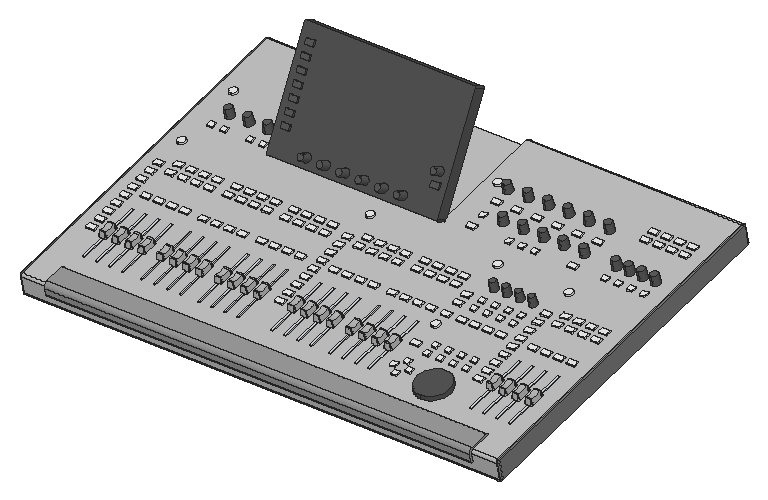
Revit family "Wing", category Communication Devices, Revit 2020 (continued)
Lines and regions (mm)
  model lines
    curve 284: line (-318.441, -67.028, 115.239) -> (-318.441, -74.869, 113.284)
    curve 285: arc (-335.705, -67.002, 115.245) -> (-335.068, -65.511, 115.617) -> (-333.53, -64.893, 115.771) r 2.174
    curve 286: arc (-320.641, -64.893, 115.771) -> (-319.086, -65.518, 115.615) -> (-318.441, -67.028, 115.239) r 2.2
    curve 287: arc (-318.441, -74.869, 113.284) -> (-319.086, -76.378, 112.908) -> (-320.641, -77.003, 112.752) r 2.2
    curve 288: arc (-333.505, -77.003, 112.752) -> (-335.06, -76.378, 112.908) -> (-335.705, -74.869, 113.284) r 2.2
    curve 289: line (-310.012, -9.591, 129.559) -> (-297.123, -9.591, 129.559)
    curve 290: line (-312.186, -19.567, 127.072) -> (-312.186, -11.7, 129.033)
    curve 291: line (-297.123, -21.701, 126.539) -> (-309.986, -21.701, 126.539)
    curve 292: line (-294.923, -11.726, 129.027) -> (-294.923, -19.567, 127.072)
    curve 293: arc (-312.186, -11.7, 129.033) -> (-311.549, -10.209, 129.405) -> (-310.012, -9.591, 129.559) r 2.174
    curve 294: arc (-297.123, -9.591, 129.559) -> (-295.567, -10.216, 129.403) -> (-294.923, -11.726, 129.027) r 2.2
    curve 295: arc (-294.923, -19.567, 127.072) -> (-295.567, -21.076, 126.695) -> (-297.123, -21.701, 126.539) r 2.2
    curve 296: arc (-309.986, -21.701, 126.539) -> (-311.541, -21.076, 126.695) -> (-312.186, -19.567, 127.072) r 2.2
    curve 297: line (-310.012, 9.399, 134.293) -> (-297.123, 9.399, 134.293)
    curve 298: line (-312.186, -0.577, 131.806) -> (-312.186, 7.289, 133.767)
    curve 299: line (-297.123, -2.712, 131.274) -> (-309.986, -2.712, 131.274)
    curve 300: line (-294.923, 7.264, 133.761) -> (-294.923, -0.577, 131.806)
    curve 301: arc (-312.186, 7.289, 133.767) -> (-311.549, 8.781, 134.139) -> (-310.012, 9.399, 134.293) r 2.174
    curve 302: arc (-297.123, 9.399, 134.293) -> (-295.567, 8.773, 134.137) -> (-294.923, 7.264, 133.761) r 2.2
    curve 303: arc (-294.923, -0.577, 131.806) -> (-295.567, -2.087, 131.43) -> (-297.123, -2.712, 131.274) r 2.2
    curve 304: arc (-309.986, -2.712, 131.274) -> (-311.541, -2.087, 131.43) -> (-312.186, -0.577, 131.806) r 2.2
    curve 305: line (-310.012, -64.893, 115.771) -> (-297.123, -64.893, 115.771)
    curve 306: line (-312.186, -74.869, 113.284) -> (-312.186, -67.002, 115.245)
    curve 307: line (-297.123, -77.003, 112.752) -> (-309.986, -77.003, 112.752)
    curve 308: line (-294.923, -67.028, 115.239) -> (-294.923, -74.869, 113.284)
    curve 309: arc (-312.186, -67.002, 115.245) -> (-311.549, -65.511, 115.617) -> (-310.012, -64.893, 115.771) r 2.174
    curve 310: arc (-297.123, -64.893, 115.771) -> (-295.567, -65.518, 115.615) -> (-294.923, -67.028, 115.239) r 2.2
    curve 311: arc (-294.923, -74.869, 113.284) -> (-295.567, -76.378, 112.908) -> (-297.123, -77.003, 112.752) r 2.2
    curve 312: arc (-309.986, -77.003, 112.752) -> (-311.541, -76.378, 112.908) -> (-312.186, -74.869, 113.284) r 2.2
    curve 313: line (-275.794, -9.591, 129.559) -> (-262.904, -9.591, 129.559)
    curve 314: line (-277.968, -19.567, 127.072) -> (-277.968, -11.7, 129.033)
    curve 315: line (-262.904, -21.701, 126.539) -> (-275.768, -21.701, 126.539)
    curve 316: line (-260.704, -11.726, 129.027) -> (-260.704, -19.567, 127.072)
    curve 317: arc (-277.968, -11.7, 129.033) -> (-277.331, -10.209, 129.405) -> (-275.794, -9.591, 129.559) r 2.174
    curve 318: arc (-262.904, -9.591, 129.559) -> (-261.349, -10.216, 129.403) -> (-260.704, -11.726, 129.027) r 2.2
    curve 319: arc (-260.704, -19.567, 127.072) -> (-261.349, -21.076, 126.695) -> (-262.904, -21.701, 126.539) r 2.2
    curve 320: arc (-275.768, -21.701, 126.539) -> (-277.323, -21.076, 126.695) -> (-277.968, -19.567, 127.072) r 2.2
    curve 321: line (-275.794, 9.399, 134.293) -> (-262.904, 9.399, 134.293)
    curve 322: line (-277.968, -0.577, 131.806) -> (-277.968, 7.289, 133.767)
    curve 323: line (-262.904, -2.712, 131.274) -> (-275.768, -2.712, 131.274)
    curve 324: line (-260.704, 7.264, 133.761) -> (-260.704, -0.577, 131.806)
    curve 325: arc (-277.968, 7.289, 133.767) -> (-277.331, 8.781, 134.139) -> (-275.794, 9.399, 134.293) r 2.174
    curve 326: arc (-262.904, 9.399, 134.293) -> (-261.349, 8.773, 134.137) -> (-260.704, 7.264, 133.761) r 2.2
    curve 327: arc (-260.704, -0.577, 131.806) -> (-261.349, -2.087, 131.43) -> (-262.904, -2.712, 131.274) r 2.2
    curve 328: arc (-275.768, -2.712, 131.274) -> (-277.323, -2.087, 131.43) -> (-277.968, -0.577, 131.806) r 2.2
    curve 329: line (-275.794, -64.893, 115.771) -> (-262.904, -64.893, 115.771)
    curve 330: line (-277.968, -74.869, 113.284) -> (-277.968, -67.002, 115.245)
    curve 331: line (-262.904, -77.003, 112.752) -> (-275.768, -77.003, 112.752)
    curve 332: line (-260.704, -67.028, 115.239) -> (-260.704, -74.869, 113.284)
    curve 333: arc (-277.968, -67.002, 115.245) -> (-277.331, -65.511, 115.617) -> (-275.794, -64.893, 115.771) r 2.174
    curve 334: arc (-262.904, -64.893, 115.771) -> (-261.349, -65.518, 115.615) -> (-260.704, -67.028, 115.239) r 2.2
    curve 335: arc (-260.704, -74.869, 113.284) -> (-261.349, -76.378, 112.908) -> (-262.904, -77.003, 112.752) r 2.2
    curve 336: arc (-275.768, -77.003, 112.752) -> (-277.323, -76.378, 112.908) -> (-277.968, -74.869, 113.284) r 2.2
    curve 337: line (-252.275, -9.591, 129.559) -> (-239.386, -9.591, 129.559)
    curve 338: line (-254.449, -19.567, 127.072) -> (-254.449, -11.7, 129.033)
    curve 339: line (-239.386, -21.701, 126.539) -> (-252.249, -21.701, 126.539)
    curve 340: line (-237.186, -11.726, 129.027) -> (-237.186, -19.567, 127.072)
    curve 341: arc (-254.449, -11.7, 129.033) -> (-253.812, -10.209, 129.405) -> (-252.275, -9.591, 129.559) r 2.174
    curve 342: arc (-239.386, -9.591, 129.559) -> (-237.83, -10.216, 129.403) -> (-237.186, -11.726, 129.027) r 2.2
    curve 343: arc (-237.186, -19.567, 127.072) -> (-237.83, -21.076, 126.695) -> (-239.386, -21.701, 126.539) r 2.2
    curve 344: arc (-252.249, -21.701, 126.539) -> (-253.805, -21.076, 126.695) -> (-254.449, -19.567, 127.072) r 2.2
    curve 345: line (-252.275, 9.399, 134.293) -> (-239.386, 9.399, 134.293)
    curve 346: line (-254.449, -0.577, 131.806) -> (-254.449, 7.289, 133.767)
    curve 347: line (-239.386, -2.712, 131.274) -> (-252.249, -2.712, 131.274)
    curve 348: line (-237.186, 7.264, 133.761) -> (-237.186, -0.577, 131.806)
    curve 349: arc (-254.449, 7.289, 133.767) -> (-253.812, 8.781, 134.139) -> (-252.275, 9.399, 134.293) r 2.174
    curve 350: arc (-239.386, 9.399, 134.293) -> (-237.83, 8.773, 134.137) -> (-237.186, 7.264, 133.761) r 2.2
    curve 351: arc (-237.186, -0.577, 131.806) -> (-237.83, -2.087, 131.43) -> (-239.386, -2.712, 131.274) r 2.2
    curve 352: arc (-252.249, -2.712, 131.274) -> (-253.805, -2.087, 131.43) -> (-254.449, -0.577, 131.806) r 2.2
    curve 353: line (-252.275, -64.893, 115.771) -> (-239.386, -64.893, 115.771)
    curve 354: line (-254.449, -74.869, 113.284) -> (-254.449, -67.002, 115.245)
    curve 355: line (-239.386, -77.003, 112.752) -> (-252.249, -77.003, 112.752)
    curve 356: line (-237.186, -67.028, 115.239) -> (-237.186, -74.869, 113.284)
    curve 357: arc (-254.449, -67.002, 115.245) -> (-253.812, -65.511, 115.617) -> (-252.275, -64.893, 115.771) r 2.174
    curve 358: arc (-239.386, -64.893, 115.771) -> (-237.83, -65.518, 115.615) -> (-237.186, -67.028, 115.239) r 2.2
    curve 359: arc (-237.186, -74.869, 113.284) -> (-237.83, -76.378, 112.908) -> (-239.386, -77.003, 112.752) r 2.2
    curve 360: arc (-252.249, -77.003, 112.752) -> (-253.805, -76.378, 112.908) -> (-254.449, -74.869, 113.284) r 2.2
    curve 361: line (-228.756, -9.591, 129.559) -> (-215.867, -9.591, 129.559)
    curve 362: line (-230.93, -19.567, 127.072) -> (-230.93, -11.7, 129.033)
    curve 363: line (-215.867, -21.701, 126.539) -> (-228.73, -21.701, 126.539)
    curve 364: line (-213.667, -11.726, 129.027) -> (-213.667, -19.567, 127.072)
    curve 365: arc (-230.93, -11.7, 129.033) -> (-230.293, -10.209, 129.405) -> (-228.756, -9.591, 129.559) r 2.174
    curve 366: arc (-215.867, -9.591, 129.559) -> (-214.311, -10.216, 129.403) -> (-213.667, -11.726, 129.027) r 2.2
    curve 367: arc (-213.667, -19.567, 127.072) -> (-214.311, -21.076, 126.695) -> (-215.867, -21.701, 126.539) r 2.2
    curve 368: arc (-228.73, -21.701, 126.539) -> (-230.286, -21.076, 126.695) -> (-230.93, -19.567, 127.072) r 2.2
    curve 369: line (-228.756, 9.399, 134.293) -> (-215.867, 9.399, 134.293)
    curve 370: line (-230.93, -0.577, 131.806) -> (-230.93, 7.289, 133.767)
    curve 371: line (-215.867, -2.712, 131.274) -> (-228.73, -2.712, 131.274)
    curve 372: line (-213.667, 7.264, 133.761) -> (-213.667, -0.577, 131.806)
    curve 373: arc (-230.93, 7.289, 133.767) -> (-230.293, 8.781, 134.139) -> (-228.756, 9.399, 134.293) r 2.174
    curve 374: arc (-215.867, 9.399, 134.293) -> (-214.311, 8.773, 134.137) -> (-213.667, 7.264, 133.761) r 2.2
    curve 375: arc (-213.667, -0.577, 131.806) -> (-214.311, -2.087, 131.43) -> (-215.867, -2.712, 131.274) r 2.2
    curve 376: arc (-228.73, -2.712, 131.274) -> (-230.286, -2.087, 131.43) -> (-230.93, -0.577, 131.806) r 2.2
    curve 377: line (-228.756, -64.893, 115.771) -> (-215.867, -64.893, 115.771)
    curve 378: line (-230.93, -74.869, 113.284) -> (-230.93, -67.002, 115.245)
    curve 379: line (-215.867, -77.003, 112.752) -> (-228.73, -77.003, 112.752)
    curve 380: line (-213.667, -67.028, 115.239) -> (-213.667, -74.869, 113.284)
    curve 381: arc (-230.93, -67.002, 115.245) -> (-230.293, -65.511, 115.617) -> (-228.756, -64.893, 115.771) r 2.174
    curve 382: arc (-215.867, -64.893, 115.771) -> (-214.311, -65.518, 115.615) -> (-213.667, -67.028, 115.239) r 2.2
    curve 383: arc (-213.667, -74.869, 113.284) -> (-214.311, -76.378, 112.908) -> (-215.867, -77.003, 112.752) r 2.2
    curve 384: arc (-228.73, -77.003, 112.752) -> (-230.286, -76.378, 112.908) -> (-230.93, -74.869, 113.284) r 2.2
    curve 385: line (-205.237, -9.591, 129.559) -> (-192.348, -9.591, 129.559)
    curve 386: line (-207.411, -19.567, 127.072) -> (-207.411, -11.7, 129.033)
    curve 387: line (-192.348, -21.701, 126.539) -> (-205.211, -21.701, 126.539)
    curve 388: line (-190.148, -11.726, 129.027) -> (-190.148, -19.567, 127.072)
    curve 389: arc (-207.411, -11.7, 129.033) -> (-206.775, -10.209, 129.405) -> (-205.237, -9.591, 129.559) r 2.174
    curve 390: arc (-192.348, -9.591, 129.559) -> (-190.793, -10.216, 129.403) -> (-190.148, -11.726, 129.027) r 2.2
    curve 391: arc (-190.148, -19.567, 127.072) -> (-190.793, -21.076, 126.695) -> (-192.348, -21.701, 126.539) r 2.2
    curve 392: arc (-205.211, -21.701, 126.539) -> (-206.767, -21.076, 126.695) -> (-207.411, -19.567, 127.072) r 2.2
    curve 393: line (-205.237, 9.399, 134.293) -> (-192.348, 9.399, 134.293)
    curve 394: line (-207.411, -0.577, 131.806) -> (-207.411, 7.289, 133.767)
    curve 395: line (-192.348, -2.712, 131.274) -> (-205.211, -2.712, 131.274)
    curve 396: line (-190.148, 7.264, 133.761) -> (-190.148, -0.577, 131.806)
    curve 397: arc (-207.411, 7.289, 133.767) -> (-206.775, 8.781, 134.139) -> (-205.237, 9.399, 134.293) r 2.174
    curve 398: arc (-192.348, 9.399, 134.293) -> (-190.793, 8.773, 134.137) -> (-190.148, 7.264, 133.761) r 2.2
    curve 399: arc (-190.148, -0.577, 131.806) -> (-190.793, -2.087, 131.43) -> (-192.348, -2.712, 131.274) r 2.2
    curve 400: arc (-205.211, -2.712, 131.274) -> (-206.767, -2.087, 131.43) -> (-207.411, -0.577, 131.806) r 2.2
    curve 401: line (-205.237, -64.893, 115.771) -> (-192.348, -64.893, 115.771)
    curve 402: line (-207.411, -74.869, 113.284) -> (-207.411, -67.002, 115.245)
    curve 403: line (-192.348, -77.003, 112.752) -> (-205.211, -77.003, 112.752)
    curve 404: line (-190.148, -67.028, 115.239) -> (-190.148, -74.869, 113.284)
    curve 405: arc (-207.411, -67.002, 115.245) -> (-206.775, -65.511, 115.617) -> (-205.237, -64.893, 115.771) r 2.174
    curve 406: arc (-192.348, -64.893, 115.771) -> (-190.793, -65.518, 115.615) -> (-190.148, -67.028, 115.239) r 2.2
    curve 407: arc (-190.148, -74.869, 113.284) -> (-190.793, -76.378, 112.908) -> (-192.348, -77.003, 112.752) r 2.2
    curve 408: arc (-205.211, -77.003, 112.752) -> (-206.767, -76.378, 112.908) -> (-207.411, -74.869, 113.284) r 2.2
    curve 409: line (-171.018, -9.591, 129.559) -> (-158.129, -9.591, 129.559)
    curve 410: line (-173.192, -19.567, 127.072) -> (-173.192, -11.7, 129.033)
    curve 411: line (-158.129, -21.701, 126.539) -> (-170.992, -21.701, 126.539)
    curve 412: line (-155.929, -11.726, 129.027) -> (-155.929, -19.567, 127.072)
    curve 413: arc (-173.192, -11.7, 129.033) -> (-172.555, -10.209, 129.405) -> (-171.018, -9.591, 129.559) r 2.174
    curve 414: arc (-158.129, -9.591, 129.559) -> (-156.573, -10.216, 129.403) -> (-155.929, -11.726, 129.027) r 2.2
    curve 415: arc (-155.929, -19.567, 127.072) -> (-156.573, -21.076, 126.695) -> (-158.129, -21.701, 126.539) r 2.2
    curve 416: arc (-170.992, -21.701, 126.539) -> (-172.548, -21.076, 126.695) -> (-173.192, -19.567, 127.072) r 2.2
    curve 417: line (-171.018, 9.399, 134.293) -> (-158.129, 9.399, 134.293)
    curve 418: line (-173.192, -0.577, 131.806) -> (-173.192, 7.289, 133.767)
    curve 419: line (-158.129, -2.712, 131.274) -> (-170.992, -2.712, 131.274)
    curve 420: line (-155.929, 7.264, 133.761) -> (-155.929, -0.577, 131.806)
    curve 421: arc (-173.192, 7.289, 133.767) -> (-172.555, 8.781, 134.139) -> (-171.018, 9.399, 134.293) r 2.174
    curve 422: arc (-158.129, 9.399, 134.293) -> (-156.573, 8.773, 134.137) -> (-155.929, 7.264, 133.761) r 2.2
    curve 423: arc (-155.929, -0.577, 131.806) -> (-156.573, -2.087, 131.43) -> (-158.129, -2.712, 131.274) r 2.2
    curve 424: arc (-170.992, -2.712, 131.274) -> (-172.548, -2.087, 131.43) -> (-173.192, -0.577, 131.806) r 2.2
    curve 425: line (-171.018, -64.893, 115.771) -> (-158.129, -64.893, 115.771)
    curve 426: line (-173.192, -74.869, 113.284) -> (-173.192, -67.002, 115.245)
    curve 427: line (-158.129, -77.003, 112.752) -> (-170.992, -77.003, 112.752)
    curve 428: line (-155.929, -67.028, 115.239) -> (-155.929, -74.869, 113.284)
    curve 429: arc (-173.192, -67.002, 115.245) -> (-172.555, -65.511, 115.617) -> (-171.018, -64.893, 115.771) r 2.174
    curve 430: arc (-158.129, -64.893, 115.771) -> (-156.573, -65.518, 115.615) -> (-155.929, -67.028, 115.239) r 2.2
    curve 431: arc (-155.929, -74.869, 113.284) -> (-156.573, -76.378, 112.908) -> (-158.129, -77.003, 112.752) r 2.2
    curve 432: arc (-170.992, -77.003, 112.752) -> (-172.548, -76.378, 112.908) -> (-173.192, -74.869, 113.284) r 2.2
    curve 433: line (-147.499, -9.591, 129.559) -> (-134.61, -9.591, 129.559)
    curve 434: line (-149.673, -19.567, 127.072) -> (-149.673, -11.7, 129.033)
    curve 435: line (-134.61, -21.701, 126.539) -> (-147.473, -21.701, 126.539)
    curve 436: line (-132.41, -11.726, 129.027) -> (-132.41, -19.567, 127.072)
    curve 437: arc (-149.673, -11.7, 129.033) -> (-149.037, -10.209, 129.405) -> (-147.499, -9.591, 129.559) r 2.174
    curve 438: arc (-134.61, -9.591, 129.559) -> (-133.055, -10.216, 129.403) -> (-132.41, -11.726, 129.027) r 2.2
    curve 439: arc (-132.41, -19.567, 127.072) -> (-133.055, -21.076, 126.695) -> (-134.61, -21.701, 126.539) r 2.2
    curve 440: arc (-147.473, -21.701, 126.539) -> (-149.029, -21.076, 126.695) -> (-149.673, -19.567, 127.072) r 2.2
    curve 441: line (-147.499, 9.399, 134.293) -> (-134.61, 9.399, 134.293)
    curve 442: line (-149.673, -0.577, 131.806) -> (-149.673, 7.289, 133.767)
    curve 443: line (-134.61, -2.712, 131.274) -> (-147.473, -2.712, 131.274)
    curve 444: line (-132.41, 7.264, 133.761) -> (-132.41, -0.577, 131.806)
    curve 445: arc (-149.673, 7.289, 133.767) -> (-149.037, 8.781, 134.139) -> (-147.499, 9.399, 134.293) r 2.174
    curve 446: arc (-134.61, 9.399, 134.293) -> (-133.055, 8.773, 134.137) -> (-132.41, 7.264, 133.761) r 2.2
    curve 447: arc (-132.41, -0.577, 131.806) -> (-133.055, -2.087, 131.43) -> (-134.61, -2.712, 131.274) r 2.2
    curve 448: arc (-147.473, -2.712, 131.274) -> (-149.029, -2.087, 131.43) -> (-149.673, -0.577, 131.806) r 2.2
    curve 449: line (-147.499, -64.893, 115.771) -> (-134.61, -64.893, 115.771)
    curve 450: line (-149.673, -74.869, 113.284) -> (-149.673, -67.002, 115.245)
    curve 451: line (-134.61, -77.003, 112.752) -> (-147.473, -77.003, 112.752)
    curve 452: line (-132.41, -67.028, 115.239) -> (-132.41, -74.869, 113.284)
    curve 453: arc (-149.673, -67.002, 115.245) -> (-149.037, -65.511, 115.617) -> (-147.499, -64.893, 115.771) r 2.174
    curve 454: arc (-134.61, -64.893, 115.771) -> (-133.055, -65.518, 115.615) -> (-132.41, -67.028, 115.239) r 2.2
    curve 455: arc (-132.41, -74.869, 113.284) -> (-133.055, -76.378, 112.908) -> (-134.61, -77.003, 112.752) r 2.2
    curve 456: arc (-147.473, -77.003, 112.752) -> (-149.029, -76.378, 112.908) -> (-149.673, -74.869, 113.284) r 2.2
    curve 457: line (-123.981, -9.591, 129.559) -> (-111.091, -9.591, 129.559)
    curve 458: line (-126.155, -19.567, 127.072) -> (-126.155, -11.7, 129.033)
    curve 459: line (-111.091, -21.701, 126.539) -> (-123.955, -21.701, 126.539)
    curve 460: line (-108.891, -11.726, 129.027) -> (-108.891, -19.567, 127.072)
    curve 461: arc (-126.155, -11.7, 129.033) -> (-125.518, -10.209, 129.405) -> (-123.981, -9.591, 129.559) r 2.174
    curve 462: arc (-111.091, -9.591, 129.559) -> (-109.536, -10.216, 129.403) -> (-108.891, -11.726, 129.027) r 2.2
    curve 463: arc (-108.891, -19.567, 127.072) -> (-109.536, -21.076, 126.695) -> (-111.091, -21.701, 126.539) r 2.2
    curve 464: arc (-123.955, -21.701, 126.539) -> (-125.51, -21.076, 126.695) -> (-126.155, -19.567, 127.072) r 2.2
    curve 465: line (-123.981, 9.399, 134.293) -> (-111.091, 9.399, 134.293)
    curve 466: line (-126.155, -0.577, 131.806) -> (-126.155, 7.289, 133.767)
    curve 467: line (-111.091, -2.712, 131.274) -> (-123.955, -2.712, 131.274)
    curve 468: line (-108.891, 7.264, 133.761) -> (-108.891, -0.577, 131.806)
    curve 469: arc (-126.155, 7.289, 133.767) -> (-125.518, 8.781, 134.139) -> (-123.981, 9.399, 134.293) r 2.174
    curve 470: arc (-111.091, 9.399, 134.293) -> (-109.536, 8.773, 134.137) -> (-108.891, 7.264, 133.761) r 2.2
    curve 471: arc (-108.891, -0.577, 131.806) -> (-109.536, -2.087, 131.43) -> (-111.091, -2.712, 131.274) r 2.2
    curve 472: arc (-123.955, -2.712, 131.274) -> (-125.51, -2.087, 131.43) -> (-126.155, -0.577, 131.806) r 2.2
    curve 473: line (-123.981, -64.893, 115.771) -> (-111.091, -64.893, 115.771)
    curve 474: line (-126.155, -74.869, 113.284) -> (-126.155, -67.002, 115.245)
    curve 475: line (-111.091, -77.003, 112.752) -> (-123.955, -77.003, 112.752)
    curve 476: line (-108.891, -67.028, 115.239) -> (-108.891, -74.869, 113.284)
    curve 477: arc (-126.155, -67.002, 115.245) -> (-125.518, -65.511, 115.617) -> (-123.981, -64.893, 115.771) r 2.174
    curve 478: arc (-111.091, -64.893, 115.771) -> (-109.536, -65.518, 115.615) -> (-108.891, -67.028, 115.239) r 2.2
    curve 479: arc (-108.891, -74.869, 113.284) -> (-109.536, -76.378, 112.908) -> (-111.091, -77.003, 112.752) r 2.2
    curve 480: arc (-123.955, -77.003, 112.752) -> (-125.51, -76.378, 112.908) -> (-126.155, -74.869, 113.284) r 2.2
    curve 481: line (-100.462, -9.591, 129.559) -> (-87.573, -9.591, 129.559)
    curve 482: line (-102.636, -19.567, 127.072) -> (-102.636, -11.7, 129.033)
    curve 483: line (-87.573, -21.701, 126.539) -> (-100.436, -21.701, 126.539)
    curve 484: line (-85.373, -11.726, 129.027) -> (-85.373, -19.567, 127.072)
    curve 485: arc (-102.636, -11.7, 129.033) -> (-101.999, -10.209, 129.405) -> (-100.462, -9.591, 129.559) r 2.174
    curve 486: arc (-87.573, -9.591, 129.559) -> (-86.017, -10.216, 129.403) -> (-85.373, -11.726, 129.027) r 2.2
    curve 487: arc (-85.373, -19.567, 127.072) -> (-86.017, -21.076, 126.695) -> (-87.573, -21.701, 126.539) r 2.2
    curve 488: arc (-100.436, -21.701, 126.539) -> (-101.992, -21.076, 126.695) -> (-102.636, -19.567, 127.072) r 2.2
    curve 489: line (-100.462, 9.399, 134.293) -> (-87.573, 9.399, 134.293)
    curve 490: line (-102.636, -0.577, 131.806) -> (-102.636, 7.289, 133.767)
    curve 491: line (-87.573, -2.712, 131.274) -> (-100.436, -2.712, 131.274)
    curve 492: line (-85.373, 7.264, 133.761) -> (-85.373, -0.577, 131.806)
    curve 493: arc (-102.636, 7.289, 133.767) -> (-101.999, 8.781, 134.139) -> (-100.462, 9.399, 134.293) r 2.174
    curve 494: arc (-87.573, 9.399, 134.293) -> (-86.017, 8.773, 134.137) -> (-85.373, 7.264, 133.761) r 2.2
    curve 495: arc (-85.373, -0.577, 131.806) -> (-86.017, -2.087, 131.43) -> (-87.573, -2.712, 131.274) r 2.2
    curve 496: arc (-100.436, -2.712, 131.274) -> (-101.992, -2.087, 131.43) -> (-102.636, -0.577, 131.806) r 2.2
    curve 497: line (-100.462, -64.893, 115.771) -> (-87.573, -64.893, 115.771)
    curve 498: line (-102.636, -74.869, 113.284) -> (-102.636, -67.002, 115.245)
    curve 499: line (-87.573, -77.003, 112.752) -> (-100.436, -77.003, 112.752)
    curve 500: line (-85.373, -67.028, 115.239) -> (-85.373, -74.869, 113.284)
    curve 501: arc (-102.636, -67.002, 115.245) -> (-101.999, -65.511, 115.617) -> (-100.462, -64.893, 115.771) r 2.174
    curve 502: arc (-87.573, -64.893, 115.771) -> (-86.017, -65.518, 115.615) -> (-85.373, -67.028, 115.239) r 2.2
    curve 503: arc (-85.373, -74.869, 113.284) -> (-86.017, -76.378, 112.908) -> (-87.573, -77.003, 112.752) r 2.2
    curve 504: arc (-100.436, -77.003, 112.752) -> (-101.992, -76.378, 112.908) -> (-102.636, -74.869, 113.284) r 2.2
    curve 505: line (-38.384, -9.591, 129.559) -> (-25.495, -9.591, 129.559)
    curve 506: line (-40.558, -19.567, 127.072) -> (-40.558, -11.7, 129.033)
    curve 507: line (-25.495, -21.701, 126.539) -> (-38.358, -21.701, 126.539)
    curve 508: line (-23.295, -11.726, 129.027) -> (-23.295, -19.567, 127.072)
    curve 509: arc (-40.558, -11.7, 129.033) -> (-39.921, -10.209, 129.405) -> (-38.384, -9.591, 129.559) r 2.174
    curve 510: arc (-25.495, -9.591, 129.559) -> (-23.939, -10.216, 129.403) -> (-23.295, -11.726, 129.027) r 2.2
    curve 511: arc (-23.295, -19.567, 127.072) -> (-23.939, -21.076, 126.695) -> (-25.495, -21.701, 126.539) r 2.2
    curve 512: arc (-38.358, -21.701, 126.539) -> (-39.914, -21.076, 126.695) -> (-40.558, -19.567, 127.072) r 2.2
    curve 513: line (-38.384, 9.399, 134.293) -> (-25.495, 9.399, 134.293)
    curve 514: line (-40.558, -0.577, 131.806) -> (-40.558, 7.289, 133.767)
    curve 515: line (-25.495, -2.712, 131.274) -> (-38.358, -2.712, 131.274)
    curve 516: line (-23.295, 7.264, 133.761) -> (-23.295, -0.577, 131.806)
    curve 517: arc (-40.558, 7.289, 133.767) -> (-39.921, 8.781, 134.139) -> (-38.384, 9.399, 134.293) r 2.174
    curve 518: arc (-25.495, 9.399, 134.293) -> (-23.939, 8.773, 134.137) -> (-23.295, 7.264, 133.761) r 2.2
    curve 519: arc (-23.295, -0.577, 131.806) -> (-23.939, -2.087, 131.43) -> (-25.495, -2.712, 131.274) r 2.2
    curve 520: arc (-38.358, -2.712, 131.274) -> (-39.914, -2.087, 131.43) -> (-40.558, -0.577, 131.806) r 2.2
    curve 521: line (-38.384, -64.893, 115.771) -> (-25.495, -64.893, 115.771)
    curve 522: line (-40.558, -74.869, 113.284) -> (-40.558, -67.002, 115.245)
    curve 523: line (-25.495, -77.003, 112.752) -> (-38.358, -77.003, 112.752)
    curve 524: line (-23.295, -67.028, 115.239) -> (-23.295, -74.869, 113.284)
    curve 525: arc (-40.558, -67.002, 115.245) -> (-39.921, -65.511, 115.617) -> (-38.384, -64.893, 115.771) r 2.174
    curve 526: arc (-25.495, -64.893, 115.771) -> (-23.939, -65.518, 115.615) -> (-23.295, -67.028, 115.239) r 2.2
    curve 527: arc (-23.295, -74.869, 113.284) -> (-23.939, -76.378, 112.908) -> (-25.495, -77.003, 112.752) r 2.2
    curve 528: arc (-38.358, -77.003, 112.752) -> (-39.914, -76.378, 112.908) -> (-40.558, -74.869, 113.284) r 2.2
    curve 529: line (-14.865, -9.591, 129.559) -> (-1.976, -9.591, 129.559)
    curve 530: line (-17.039, -19.567, 127.072) -> (-17.039, -11.7, 129.033)
    curve 531: line (-1.976, -21.701, 126.539) -> (-14.839, -21.701, 126.539)
    curve 532: line (0.224, -11.726, 129.027) -> (0.224, -19.567, 127.072)
    curve 533: arc (-17.039, -11.7, 129.033) -> (-16.402, -10.209, 129.405) -> (-14.865, -9.591, 129.559) r 2.174
    curve 534: arc (-1.976, -9.591, 129.559) -> (-0.42, -10.216, 129.403) -> (0.224, -11.726, 129.027) r 2.2
    curve 535: arc (0.224, -19.567, 127.072) -> (-0.42, -21.076, 126.695) -> (-1.976, -21.701, 126.539) r 2.2
    curve 536: arc (-14.839, -21.701, 126.539) -> (-16.395, -21.076, 126.695) -> (-17.039, -19.567, 127.072) r 2.2
    curve 537: line (-14.865, 9.399, 134.293) -> (-1.976, 9.399, 134.293)
    curve 538: line (-17.039, -0.577, 131.806) -> (-17.039, 7.289, 133.767)
    curve 539: line (-1.976, -2.712, 131.274) -> (-14.839, -2.712, 131.274)
    curve 540: line (0.224, 7.264, 133.761) -> (0.224, -0.577, 131.806)
    curve 541: arc (-17.039, 7.289, 133.767) -> (-16.402, 8.781, 134.139) -> (-14.865, 9.399, 134.293) r 2.174
    curve 542: arc (-1.976, 9.399, 134.293) -> (-0.42, 8.773, 134.137) -> (0.224, 7.264, 133.761) r 2.2
    curve 543: arc (0.224, -0.577, 131.806) -> (-0.42, -2.087, 131.43) -> (-1.976, -2.712, 131.274) r 2.2
    curve 544: arc (-14.839, -2.712, 131.274) -> (-16.395, -2.087, 131.43) -> (-17.039, -0.577, 131.806) r 2.2
    curve 545: line (-14.865, -64.893, 115.771) -> (-1.976, -64.893, 115.771)
    curve 546: line (-17.039, -74.869, 113.284) -> (-17.039, -67.002, 115.245)
    curve 547: line (-1.976, -77.003, 112.752) -> (-14.839, -77.003, 112.752)
    curve 548: line (0.224, -67.028, 115.239) -> (0.224, -74.869, 113.284)
    curve 549: arc (-17.039, -67.002, 115.245) -> (-16.402, -65.511, 115.617) -> (-14.865, -64.893, 115.771) r 2.174
    curve 550: arc (-1.976, -64.893, 115.771) -> (-0.42, -65.518, 115.615) -> (0.224, -67.028, 115.239) r 2.2
    curve 551: arc (0.224, -74.869, 113.284) -> (-0.42, -76.378, 112.908) -> (-1.976, -77.003, 112.752) r 2.2
    curve 552: arc (-14.839, -77.003, 112.752) -> (-16.395, -76.378, 112.908) -> (-17.039, -74.869, 113.284) r 2.2
    curve 553: line (8.654, -9.591, 129.559) -> (21.543, -9.591, 129.559)
    curve 554: line (6.48, -19.567, 127.072) -> (6.48, -11.7, 129.033)
    curve 555: line (21.543, -21.701, 126.539) -> (8.68, -21.701, 126.539)
    curve 556: line (23.743, -11.726, 129.027) -> (23.743, -19.567, 127.072)
    curve 557: arc (6.48, -11.7, 129.033) -> (7.116, -10.209, 129.405) -> (8.654, -9.591, 129.559) r 2.174
    curve 558: arc (21.543, -9.591, 129.559) -> (23.098, -10.216, 129.403) -> (23.743, -11.726, 129.027) r 2.2
    curve 559: arc (23.743, -19.567, 127.072) -> (23.098, -21.076, 126.695) -> (21.543, -21.701, 126.539) r 2.2
    curve 560: arc (8.68, -21.701, 126.539) -> (7.124, -21.076, 126.695) -> (6.48, -19.567, 127.072) r 2.2
    curve 561: line (8.654, 9.399, 134.293) -> (21.543, 9.399, 134.293)
    curve 562: line (6.48, -0.577, 131.806) -> (6.48, 7.289, 133.767)
    curve 563: line (21.543, -2.712, 131.274) -> (8.68, -2.712, 131.274)
    curve 564: line (23.743, 7.264, 133.761) -> (23.743, -0.577, 131.806)
    curve 565: arc (6.48, 7.289, 133.767) -> (7.116, 8.781, 134.139) -> (8.654, 9.399, 134.293) r 2.174
    curve 566: arc (21.543, 9.399, 134.293) -> (23.098, 8.773, 134.137) -> (23.743, 7.264, 133.761) r 2.2
    curve 567: arc (23.743, -0.577, 131.806) -> (23.098, -2.087, 131.43) -> (21.543, -2.712, 131.274) r 2.2
    curve 568: arc (8.68, -2.712, 131.274) -> (7.124, -2.087, 131.43) -> (6.48, -0.577, 131.806) r 2.2
    curve 569: line (8.654, -64.893, 115.771) -> (21.543, -64.893, 115.771)
    curve 570: line (6.48, -74.869, 113.284) -> (6.48, -67.002, 115.245)
    curve 571: line (21.543, -77.003, 112.752) -> (8.68, -77.003, 112.752)
    curve 572: line (23.743, -67.028, 115.239) -> (23.743, -74.869, 113.284)
    curve 573: arc (6.48, -67.002, 115.245) -> (7.116, -65.511, 115.617) -> (8.654, -64.893, 115.771) r 2.174
    curve 574: arc (21.543, -64.893, 115.771) -> (23.098, -65.518, 115.615) -> (23.743, -67.028, 115.239) r 2.2
    curve 575: arc (23.743, -74.869, 113.284) -> (23.098, -76.378, 112.908) -> (21.543, -77.003, 112.752) r 2.2
    curve 576: arc (8.68, -77.003, 112.752) -> (7.124, -76.378, 112.908) -> (6.48, -74.869, 113.284) r 2.2
    curve 577: line (32.172, -9.591, 129.559) -> (45.061, -9.591, 129.559)
    curve 578: line (29.998, -19.567, 127.072) -> (29.998, -11.7, 129.033)
    curve 579: line (45.061, -21.701, 126.539) -> (32.198, -21.701, 126.539)
    curve 580: line (47.261, -11.726, 129.027) -> (47.261, -19.567, 127.072)
    curve 581: arc (29.998, -11.7, 129.033) -> (30.635, -10.209, 129.405) -> (32.172, -9.591, 129.559) r 2.174
    curve 582: arc (45.061, -9.591, 129.559) -> (46.617, -10.216, 129.403) -> (47.261, -11.726, 129.027) r 2.2
    curve 583: arc (47.261, -19.567, 127.072) -> (46.617, -21.076, 126.695) -> (45.061, -21.701, 126.539) r 2.2
    curve 584: arc (32.198, -21.701, 126.539) -> (30.643, -21.076, 126.695) -> (29.998, -19.567, 127.072) r 2.2
    curve 585: line (32.172, 9.399, 134.293) -> (45.061, 9.399, 134.293)
    curve 586: line (29.998, -0.577, 131.806) -> (29.998, 7.289, 133.767)
    curve 587: line (45.061, -2.712, 131.274) -> (32.198, -2.712, 131.274)
    curve 588: line (47.261, 7.264, 133.761) -> (47.261, -0.577, 131.806)
    curve 589: arc (29.998, 7.289, 133.767) -> (30.635, 8.781, 134.139) -> (32.172, 9.399, 134.293) r 2.174
    curve 590: arc (45.061, 9.399, 134.293) -> (46.617, 8.773, 134.137) -> (47.261, 7.264, 133.761) r 2.2
    curve 591: arc (47.261, -0.577, 131.806) -> (46.617, -2.087, 131.43) -> (45.061, -2.712, 131.274) r 2.2
    curve 592: arc (32.198, -2.712, 131.274) -> (30.643, -2.087, 131.43) -> (29.998, -0.577, 131.806) r 2.2
    curve 593: line (32.172, -64.893, 115.771) -> (45.061, -64.893, 115.771)
    curve 594: line (29.998, -74.869, 113.284) -> (29.998, -67.002, 115.245)
    curve 595: line (45.061, -77.003, 112.752) -> (32.198, -77.003, 112.752)
    curve 596: line (47.261, -67.028, 115.239) -> (47.261, -74.869, 113.284)
    curve 597: arc (29.998, -67.002, 115.245) -> (30.635, -65.511, 115.617) -> (32.172, -64.893, 115.771) r 2.174
    curve 598: arc (45.061, -64.893, 115.771) -> (46.617, -65.518, 115.615) -> (47.261, -67.028, 115.239) r 2.2
    curve 599: arc (47.261, -74.869, 113.284) -> (46.617, -76.378, 112.908) -> (45.061, -77.003, 112.752) r 2.2
    curve 600: arc (32.198, -77.003, 112.752) -> (30.643, -76.378, 112.908) -> (29.998, -74.869, 113.284) r 2.2
    curve 601: line (66.694, -9.591, 129.559) -> (79.584, -9.591, 129.559)
    curve 602: line (64.52, -19.567, 127.072) -> (64.52, -11.7, 129.033)
    curve 603: line (79.584, -21.701, 126.539) -> (66.72, -21.701, 126.539)
    curve 604: line (81.784, -11.726, 129.027) -> (81.784, -19.567, 127.072)
    curve 605: arc (64.52, -11.7, 129.033) -> (65.157, -10.209, 129.405) -> (66.694, -9.591, 129.559) r 2.174
    curve 606: arc (79.584, -9.591, 129.559) -> (81.139, -10.216, 129.403) -> (81.784, -11.726, 129.027) r 2.2
    curve 607: arc (81.784, -19.567, 127.072) -> (81.139, -21.076, 126.695) -> (79.584, -21.701, 126.539) r 2.2
    curve 608: arc (66.72, -21.701, 126.539) -> (65.165, -21.076, 126.695) -> (64.52, -19.567, 127.072) r 2.2
    curve 609: line (66.694, 9.399, 134.293) -> (79.584, 9.399, 134.293)
    curve 610: line (64.52, -0.577, 131.806) -> (64.52, 7.289, 133.767)
    curve 611: line (79.584, -2.712, 131.274) -> (66.72, -2.712, 131.274)
    curve 612: line (81.784, 7.264, 133.761) -> (81.784, -0.577, 131.806)
    curve 613: arc (64.52, 7.289, 133.767) -> (65.157, 8.781, 134.139) -> (66.694, 9.399, 134.293) r 2.174
    curve 614: arc (79.584, 9.399, 134.293) -> (81.139, 8.773, 134.137) -> (81.784, 7.264, 133.761) r 2.2
    curve 615: arc (81.784, -0.577, 131.806) -> (81.139, -2.087, 131.43) -> (79.584, -2.712, 131.274) r 2.2
    curve 616: arc (66.72, -2.712, 131.274) -> (65.165, -2.087, 131.43) -> (64.52, -0.577, 131.806) r 2.2
    curve 617: line (66.694, -64.893, 115.771) -> (79.584, -64.893, 115.771)
    curve 618: line (64.52, -74.869, 113.284) -> (64.52, -67.002, 115.245)
    curve 619: line (79.584, -77.003, 112.752) -> (66.72, -77.003, 112.752)
    curve 620: line (81.784, -67.028, 115.239) -> (81.784, -74.869, 113.284)
    curve 621: arc (64.52, -67.002, 115.245) -> (65.157, -65.511, 115.617) -> (66.694, -64.893, 115.771) r 2.174
    curve 622: arc (79.584, -64.893, 115.771) -> (81.139, -65.518, 115.615) -> (81.784, -67.028, 115.239) r 2.2
    curve 623: arc (81.784, -74.869, 113.284) -> (81.139, -76.378, 112.908) -> (79.584, -77.003, 112.752) r 2.2
    curve 624: arc (66.72, -77.003, 112.752) -> (65.165, -76.378, 112.908) -> (64.52, -74.869, 113.284) r 2.2
    curve 625: line (90.213, -9.591, 129.559) -> (103.102, -9.591, 129.559)
    curve 626: line (88.039, -19.567, 127.072) -> (88.039, -11.7, 129.033)
    curve 627: line (103.102, -21.701, 126.539) -> (90.239, -21.701, 126.539)
    curve 628: line (105.302, -11.726, 129.027) -> (105.302, -19.567, 127.072)
    curve 629: arc (88.039, -11.7, 129.033) -> (88.676, -10.209, 129.405) -> (90.213, -9.591, 129.559) r 2.174
    curve 630: arc (103.102, -9.591, 129.559) -> (104.658, -10.216, 129.403) -> (105.302, -11.726, 129.027) r 2.2
    curve 631: arc (105.302, -19.567, 127.072) -> (104.658, -21.076, 126.695) -> (103.102, -21.701, 126.539) r 2.2
    curve 632: arc (90.239, -21.701, 126.539) -> (88.683, -21.076, 126.695) -> (88.039, -19.567, 127.072) r 2.2
    curve 633: line (90.213, 9.399, 134.293) -> (103.102, 9.399, 134.293)
    curve 634: line (88.039, -0.577, 131.806) -> (88.039, 7.289, 133.767)
    curve 635: line (103.102, -2.712, 131.274) -> (90.239, -2.712, 131.274)
    curve 636: line (105.302, 7.264, 133.761) -> (105.302, -0.577, 131.806)
    curve 637: arc (88.039, 7.289, 133.767) -> (88.676, 8.781, 134.139) -> (90.213, 9.399, 134.293) r 2.174
    curve 638: arc (103.102, 9.399, 134.293) -> (104.658, 8.773, 134.137) -> (105.302, 7.264, 133.761) r 2.2
    curve 639: arc (105.302, -0.577, 131.806) -> (104.658, -2.087, 131.43) -> (103.102, -2.712, 131.274) r 2.2
    curve 640: arc (90.239, -2.712, 131.274) -> (88.683, -2.087, 131.43) -> (88.039, -0.577, 131.806) r 2.2
    curve 641: line (90.213, -64.893, 115.771) -> (103.102, -64.893, 115.771)
    curve 642: line (88.039, -74.869, 113.284) -> (88.039, -67.002, 115.245)
    curve 643: line (103.102, -77.003, 112.752) -> (90.239, -77.003, 112.752)
    curve 644: line (105.302, -67.028, 115.239) -> (105.302, -74.869, 113.284)
    curve 645: arc (88.039, -67.002, 115.245) -> (88.676, -65.511, 115.617) -> (90.213, -64.893, 115.771) r 2.174
    curve 646: arc (103.102, -64.893, 115.771) -> (104.658, -65.518, 115.615) -> (105.302, -67.028, 115.239) r 2.2
    curve 647: arc (105.302, -74.869, 113.284) -> (104.658, -76.378, 112.908) -> (103.102, -77.003, 112.752) r 2.2
    curve 648: arc (90.239, -77.003, 112.752) -> (88.683, -76.378, 112.908) -> (88.039, -74.869, 113.284) r 2.2
    curve 649: line (113.732, -9.591, 129.559) -> (126.621, -9.591, 129.559)
    curve 650: line (111.558, -19.567, 127.072) -> (111.558, -11.7, 129.033)
    curve 651: line (126.621, -21.701, 126.539) -> (113.758, -21.701, 126.539)
    curve 652: line (128.821, -11.726, 129.027) -> (128.821, -19.567, 127.072)
    curve 653: arc (111.558, -11.7, 129.033) -> (112.195, -10.209, 129.405) -> (113.732, -9.591, 129.559) r 2.174
    curve 654: arc (126.621, -9.591, 129.559) -> (128.177, -10.216, 129.403) -> (128.821, -11.726, 129.027) r 2.2
    curve 655: arc (128.821, -19.567, 127.072) -> (128.177, -21.076, 126.695) -> (126.621, -21.701, 126.539) r 2.2
    curve 656: arc (113.758, -21.701, 126.539) -> (112.202, -21.076, 126.695) -> (111.558, -19.567, 127.072) r 2.2
    curve 657: line (113.732, 9.399, 134.293) -> (126.621, 9.399, 134.293)
    curve 658: line (111.558, -0.577, 131.806) -> (111.558, 7.289, 133.767)
    curve 659: line (126.621, -2.712, 131.274) -> (113.758, -2.712, 131.274)
    curve 660: line (128.821, 7.264, 133.761) -> (128.821, -0.577, 131.806)
    curve 661: arc (111.558, 7.289, 133.767) -> (112.195, 8.781, 134.139) -> (113.732, 9.399, 134.293) r 2.174
    curve 662: arc (126.621, 9.399, 134.293) -> (128.177, 8.773, 134.137) -> (128.821, 7.264, 133.761) r 2.2
    curve 663: arc (128.821, -0.577, 131.806) -> (128.177, -2.087, 131.43) -> (126.621, -2.712, 131.274) r 2.2
    curve 664: arc (113.758, -2.712, 131.274) -> (112.202, -2.087, 131.43) -> (111.558, -0.577, 131.806) r 2.2
    curve 665: line (113.732, -64.893, 115.771) -> (126.621, -64.893, 115.771)
    curve 666: line (111.558, -74.869, 113.284) -> (111.558, -67.002, 115.245)
    curve 667: line (126.621, -77.003, 112.752) -> (113.758, -77.003, 112.752)
    curve 668: line (128.821, -67.028, 115.239) -> (128.821, -74.869, 113.284)
    curve 669: arc (111.558, -67.002, 115.245) -> (112.195, -65.511, 115.617) -> (113.732, -64.893, 115.771) r 2.174
    curve 670: arc (126.621, -64.893, 115.771) -> (128.177, -65.518, 115.615) -> (128.821, -67.028, 115.239) r 2.2
    curve 671: arc (128.821, -74.869, 113.284) -> (128.177, -76.378, 112.908) -> (126.621, -77.003, 112.752) r 2.2
    curve 672: arc (113.758, -77.003, 112.752) -> (112.202, -76.378, 112.908) -> (111.558, -74.869, 113.284) r 2.2
    curve 673: line (137.251, -9.591, 129.559) -> (150.14, -9.591, 129.559)
    curve 674: line (135.077, -19.567, 127.072) -> (135.077, -11.7, 129.033)
    curve 675: line (150.14, -21.701, 126.539) -> (137.277, -21.701, 126.539)
    curve 676: line (152.34, -11.726, 129.027) -> (152.34, -19.567, 127.072)
    curve 677: arc (135.077, -11.7, 129.033) -> (135.713, -10.209, 129.405) -> (137.251, -9.591, 129.559) r 2.174
    curve 678: arc (150.14, -9.591, 129.559) -> (151.695, -10.216, 129.403) -> (152.34, -11.726, 129.027) r 2.2
    curve 679: arc (152.34, -19.567, 127.072) -> (151.695, -21.076, 126.695) -> (150.14, -21.701, 126.539) r 2.2
    curve 680: arc (137.277, -21.701, 126.539) -> (135.721, -21.076, 126.695) -> (135.077, -19.567, 127.072) r 2.2
    curve 681: line (137.251, 9.399, 134.293) -> (150.14, 9.399, 134.293)
    curve 682: line (135.077, -0.577, 131.806) -> (135.077, 7.289, 133.767)
    curve 683: line (150.14, -2.712, 131.274) -> (137.277, -2.712, 131.274)
    curve 684: line (152.34, 7.264, 133.761) -> (152.34, -0.577, 131.806)
    curve 685: arc (135.077, 7.289, 133.767) -> (135.713, 8.781, 134.139) -> (137.251, 9.399, 134.293) r 2.174
    curve 686: arc (150.14, 9.399, 134.293) -> (151.695, 8.773, 134.137) -> (152.34, 7.264, 133.761) r 2.2
    curve 687: arc (152.34, -0.577, 131.806) -> (151.695, -2.087, 131.43) -> (150.14, -2.712, 131.274) r 2.2
    curve 688: arc (137.277, -2.712, 131.274) -> (135.721, -2.087, 131.43) -> (135.077, -0.577, 131.806) r 2.2
    curve 689: line (137.251, -64.893, 115.771) -> (150.14, -64.893, 115.771)
    curve 690: line (135.077, -74.869, 113.284) -> (135.077, -67.002, 115.245)
    curve 691: line (150.14, -77.003, 112.752) -> (137.277, -77.003, 112.752)
    curve 692: line (152.34, -67.028, 115.239) -> (152.34, -74.869, 113.284)
    curve 693: arc (135.077, -67.002, 115.245) -> (135.713, -65.511, 115.617) -> (137.251, -64.893, 115.771) r 2.174
    curve 694: arc (150.14, -64.893, 115.771) -> (151.695, -65.518, 115.615) -> (152.34, -67.028, 115.239) r 2.2
    curve 695: arc (152.34, -74.869, 113.284) -> (151.695, -76.378, 112.908) -> (150.14, -77.003, 112.752) r 2.2
    curve 696: arc (137.277, -77.003, 112.752) -> (135.721, -76.378, 112.908) -> (135.077, -74.869, 113.284) r 2.2
    curve 697: line (322.576, 189.754, 179.258) -> (335.465, 189.754, 179.258)
    curve 698: line (320.402, 179.779, 176.771) -> (320.402, 187.645, 178.732)
    curve 699: line (335.465, 177.644, 176.239) -> (322.602, 177.644, 176.239)
    curve 700: line (337.665, 187.62, 178.726) -> (337.665, 179.779, 176.771)
    curve 701: arc (320.402, 187.645, 178.732) -> (321.039, 189.137, 179.104) -> (322.576, 189.754, 179.258) r 2.174
    curve 702: arc (335.465, 189.754, 179.258) -> (337.021, 189.129, 179.102) -> (337.665, 187.62, 178.726) r 2.2
    curve 703: arc (337.665, 179.779, 176.771) -> (337.021, 178.269, 176.395) -> (335.465, 177.644, 176.239) r 2.2
    curve 704: arc (322.602, 177.644, 176.239) -> (321.047, 178.269, 176.395) -> (320.402, 179.779, 176.771) r 2.2
    curve 705: line (322.576, 208.744, 183.993) -> (335.465, 208.744, 183.993)
    curve 706: line (320.402, 198.768, 181.506) -> (320.402, 206.634, 183.467)
    curve 707: line (335.465, 196.634, 180.973) -> (322.602, 196.634, 180.973)
    curve 708: line (337.665, 206.609, 183.461) -> (337.665, 198.768, 181.506)
    curve 709: arc (320.402, 206.634, 183.467) -> (321.039, 208.126, 183.839) -> (322.576, 208.744, 183.993) r 2.174
    curve 710: arc (335.465, 208.744, 183.993) -> (337.021, 208.119, 183.837) -> (337.665, 206.609, 183.461) r 2.2
    curve 711: arc (337.665, 198.768, 181.506) -> (337.021, 197.259, 181.129) -> (335.465, 196.634, 180.973) r 2.2
    curve 712: arc (322.602, 196.634, 180.973) -> (321.047, 197.259, 181.129) -> (320.402, 198.768, 181.506) r 2.2
    curve 713: line (322.576, -64.893, 115.771) -> (335.465, -64.893, 115.771)
    curve 714: line (320.402, -74.869, 113.284) -> (320.402, -67.002, 115.245)
    curve 715: line (335.465, -77.003, 112.752) -> (322.602, -77.003, 112.752)
    curve 716: line (337.665, -67.028, 115.239) -> (337.665, -74.869, 113.284)
    curve 717: arc (320.402, -67.002, 115.245) -> (321.039, -65.511, 115.617) -> (322.576, -64.893, 115.771) r 2.174
    curve 718: arc (335.465, -64.893, 115.771) -> (337.021, -65.518, 115.615) -> (337.665, -67.028, 115.239) r 2.2
    curve 719: arc (337.665, -74.869, 113.284) -> (337.021, -76.378, 112.908) -> (335.465, -77.003, 112.752) r 2.2
    curve 720: arc (322.602, -77.003, 112.752) -> (321.047, -76.378, 112.908) -> (320.402, -74.869, 113.284) r 2.2
    curve 721: line (346.095, 189.754, 179.258) -> (358.984, 189.754, 179.258)
    curve 722: line (343.921, 179.779, 176.771) -> (343.921, 187.645, 178.732)
    curve 723: line (358.984, 177.644, 176.239) -> (346.121, 177.644, 176.239)
    curve 724: line (361.184, 187.62, 178.726) -> (361.184, 179.779, 176.771)
    curve 725: arc (343.921, 187.645, 178.732) -> (344.558, 189.137, 179.104) -> (346.095, 189.754, 179.258) r 2.174
    curve 726: arc (358.984, 189.754, 179.258) -> (360.54, 189.129, 179.102) -> (361.184, 187.62, 178.726) r 2.2
    curve 727: arc (361.184, 179.779, 176.771) -> (360.54, 178.269, 176.395) -> (358.984, 177.644, 176.239) r 2.2
    curve 728: arc (346.121, 177.644, 176.239) -> (344.565, 178.269, 176.395) -> (343.921, 179.779, 176.771) r 2.2
    curve 729: line (346.095, 208.744, 183.993) -> (358.984, 208.744, 183.993)
    curve 730: line (343.921, 198.768, 181.506) -> (343.921, 206.634, 183.467)
    curve 731: line (358.984, 196.634, 180.973) -> (346.121, 196.634, 180.973)
    curve 732: line (361.184, 206.609, 183.461) -> (361.184, 198.768, 181.506)
    curve 733: arc (343.921, 206.634, 183.467) -> (344.558, 208.126, 183.839) -> (346.095, 208.744, 183.993) r 2.174
    curve 734: arc (358.984, 208.744, 183.993) -> (360.54, 208.119, 183.837) -> (361.184, 206.609, 183.461) r 2.2
    curve 735: arc (361.184, 198.768, 181.506) -> (360.54, 197.259, 181.129) -> (358.984, 196.634, 180.973) r 2.2
    curve 736: arc (346.121, 196.634, 180.973) -> (344.565, 197.259, 181.129) -> (343.921, 198.768, 181.506) r 2.2
    curve 737: line (346.095, -64.893, 115.771) -> (358.984, -64.893, 115.771)
    curve 738: line (343.921, -74.869, 113.284) -> (343.921, -67.002, 115.245)
    curve 739: line (358.984, -77.003, 112.752) -> (346.121, -77.003, 112.752)
    curve 740: line (361.184, -67.028, 115.239) -> (361.184, -74.869, 113.284)
    curve 741: arc (343.921, -67.002, 115.245) -> (344.558, -65.511, 115.617) -> (346.095, -64.893, 115.771) r 2.174
    curve 742: arc (358.984, -64.893, 115.771) -> (360.54, -65.518, 115.615) -> (361.184, -67.028, 115.239) r 2.2
    curve 743: arc (361.184, -74.869, 113.284) -> (360.54, -76.378, 112.908) -> (358.984, -77.003, 112.752) r 2.2
    curve 744: arc (346.121, -77.003, 112.752) -> (344.565, -76.378, 112.908) -> (343.921, -74.869, 113.284) r 2.2
    curve 745: line (369.614, 189.754, 179.258) -> (382.503, 189.754, 179.258)
    curve 746: line (367.44, 179.779, 176.771) -> (367.44, 187.645, 178.732)
    curve 747: line (382.503, 177.644, 176.239) -> (369.64, 177.644, 176.239)
    curve 748: line (384.703, 187.62, 178.726) -> (384.703, 179.779, 176.771)
    curve 749: arc (367.44, 187.645, 178.732) -> (368.076, 189.137, 179.104) -> (369.614, 189.754, 179.258) r 2.174
    curve 750: arc (382.503, 189.754, 179.258) -> (384.058, 189.129, 179.102) -> (384.703, 187.62, 178.726) r 2.2
    curve 751: arc (384.703, 179.779, 176.771) -> (384.058, 178.269, 176.395) -> (382.503, 177.644, 176.239) r 2.2
    curve 752: arc (369.64, 177.644, 176.239) -> (368.084, 178.269, 176.395) -> (367.44, 179.779, 176.771) r 2.2
    curve 753: line (369.614, 208.744, 183.993) -> (382.503, 208.744, 183.993)
    curve 754: line (367.44, 198.768, 181.506) -> (367.44, 206.634, 183.467)
    curve 755: line (382.503, 196.634, 180.973) -> (369.64, 196.634, 180.973)
    curve 756: line (384.703, 206.609, 183.461) -> (384.703, 198.768, 181.506)
    curve 757: arc (367.44, 206.634, 183.467) -> (368.076, 208.126, 183.839) -> (369.614, 208.744, 183.993) r 2.174
    curve 758: arc (382.503, 208.744, 183.993) -> (384.058, 208.119, 183.837) -> (384.703, 206.609, 183.461) r 2.2
    curve 759: arc (384.703, 198.768, 181.506) -> (384.058, 197.259, 181.129) -> (382.503, 196.634, 180.973) r 2.2
    curve 760: arc (369.64, 196.634, 180.973) -> (368.084, 197.259, 181.129) -> (367.44, 198.768, 181.506) r 2.2
    curve 761: line (369.614, -64.893, 115.771) -> (382.503, -64.893, 115.771)
    curve 762: line (367.44, -74.869, 113.284) -> (367.44, -67.002, 115.245)
    curve 763: line (382.503, -77.003, 112.752) -> (369.64, -77.003, 112.752)
    curve 764: line (384.703, -67.028, 115.239) -> (384.703, -74.869, 113.284)
    curve 765: arc (367.44, -67.002, 115.245) -> (368.076, -65.511, 115.617) -> (369.614, -64.893, 115.771) r 2.174
    curve 766: arc (382.503, -64.893, 115.771) -> (384.058, -65.518, 115.615) -> (384.703, -67.028, 115.239) r 2.2
    curve 767: arc (384.703, -74.869, 113.284) -> (384.058, -76.378, 112.908) -> (382.503, -77.003, 112.752) r 2.2
    curve 768: arc (369.64, -77.003, 112.752) -> (368.084, -76.378, 112.908) -> (367.44, -74.869, 113.284) r 2.2
    curve 769: line (393.132, 189.754, 179.258) -> (406.022, 189.754, 179.258)
    curve 770: line (390.958, 179.779, 176.771) -> (390.958, 187.645, 178.732)
    curve 771: line (406.022, 177.644, 176.239) -> (393.158, 177.644, 176.239)
    curve 772: line (408.222, 187.62, 178.726) -> (408.222, 179.779, 176.771)
    curve 773: arc (390.958, 187.645, 178.732) -> (391.595, 189.137, 179.104) -> (393.132, 189.754, 179.258) r 2.174
    curve 774: arc (406.022, 189.754, 179.258) -> (407.577, 189.129, 179.102) -> (408.222, 187.62, 178.726) r 2.2
    curve 775: arc (408.222, 179.779, 176.771) -> (407.577, 178.269, 176.395) -> (406.022, 177.644, 176.239) r 2.2
    curve 776: arc (393.158, 177.644, 176.239) -> (391.603, 178.269, 176.395) -> (390.958, 179.779, 176.771) r 2.2
    curve 777: line (393.132, 208.744, 183.993) -> (406.022, 208.744, 183.993)
    curve 778: line (390.958, 198.768, 181.506) -> (390.958, 206.634, 183.467)
    curve 779: line (406.022, 196.634, 180.973) -> (393.158, 196.634, 180.973)
    curve 780: line (408.222, 206.609, 183.461) -> (408.222, 198.768, 181.506)
    curve 781: arc (390.958, 206.634, 183.467) -> (391.595, 208.126, 183.839) -> (393.132, 208.744, 183.993) r 2.174
    curve 782: arc (406.022, 208.744, 183.993) -> (407.577, 208.119, 183.837) -> (408.222, 206.609, 183.461) r 2.2
    curve 783: arc (408.222, 198.768, 181.506) -> (407.577, 197.259, 181.129) -> (406.022, 196.634, 180.973) r 2.2
    curve 784: arc (393.158, 196.634, 180.973) -> (391.603, 197.259, 181.129) -> (390.958, 198.768, 181.506) r 2.2
    curve 785: line (393.132, -64.893, 115.771) -> (406.022, -64.893, 115.771)
    curve 786: line (390.958, -70.017, 114.494) -> (390.958, -67.002, 115.245)
    curve 787: line (406.022, -72.152, 113.961) -> (393.158, -72.152, 113.961)
    curve 788: line (408.222, -67.028, 115.239) -> (408.222, -70.017, 114.494)
    curve 789: arc (390.958, -67.002, 115.245) -> (391.595, -65.511, 115.617) -> (393.132, -64.893, 115.771) r 2.174
    curve 790: arc (406.022, -64.893, 115.771) -> (407.577, -65.518, 115.615) -> (408.222, -67.028, 115.239) r 2.2
    curve 791: arc (408.222, -70.017, 114.494) -> (407.577, -71.527, 114.117) -> (406.022, -72.152, 113.961) r 2.2
    curve 792: arc (393.158, -72.152, 113.961) -> (391.603, -71.527, 114.117) -> (390.958, -70.017, 114.494) r 2.2
    curve 793: line (165.147, -38.501, 122.351) -> (178.036, -38.501, 122.351)
    curve 794: line (162.973, -48.477, 119.864) -> (162.973, -40.61, 121.825)
    curve 795: line (178.036, -50.611, 119.332) -> (165.173, -50.611, 119.332)
    curve 796: line (180.236, -40.636, 121.819) -> (180.236, -48.477, 119.864)
    curve 797: arc (162.973, -40.61, 121.825) -> (163.609, -39.119, 122.197) -> (165.147, -38.501, 122.351) r 2.174
    curve 798: arc (178.036, -38.501, 122.351) -> (179.591, -39.126, 122.195) -> (180.236, -40.636, 121.819) r 2.2
    curve 799: arc (180.236, -48.477, 119.864) -> (179.591, -49.986, 119.488) -> (178.036, -50.611, 119.332) r 2.2
    curve 800: arc (165.173, -50.611, 119.332) -> (163.617, -49.986, 119.488) -> (162.973, -48.477, 119.864) r 2.2
    curve 801: line (165.147, -19.511, 127.085) -> (178.036, -19.511, 127.085)
    curve 802: line (162.973, -29.487, 124.598) -> (162.973, -21.621, 126.559)
    curve 803: line (178.036, -31.622, 124.066) -> (165.173, -31.622, 124.066)
    curve 804: line (180.236, -21.646, 126.553) -> (180.236, -29.487, 124.598)
    curve 805: arc (162.973, -21.621, 126.559) -> (163.609, -20.129, 126.931) -> (165.147, -19.511, 127.085) r 2.174
    curve 806: arc (178.036, -19.511, 127.085) -> (179.591, -20.137, 126.93) -> (180.236, -21.646, 126.553) r 2.2
    curve 807: arc (180.236, -29.487, 124.598) -> (179.591, -30.997, 124.222) -> (178.036, -31.622, 124.066) r 2.2
    curve 808: arc (165.173, -31.622, 124.066) -> (163.617, -30.997, 124.222) -> (162.973, -29.487, 124.598) r 2.2
    curve 809: line (193.462, -64.893, 115.771) -> (206.351, -64.893, 115.771)
    curve 810: line (191.287, -74.869, 113.284) -> (191.287, -67.002, 115.245)
    curve 811: line (206.351, -77.003, 112.752) -> (193.487, -77.003, 112.752)
    curve 812: line (208.551, -67.028, 115.239) -> (208.551, -74.869, 113.284)
    curve 813: arc (191.287, -67.002, 115.245) -> (191.924, -65.511, 115.617) -> (193.462, -64.893, 115.771) r 2.174
    curve 814: arc (206.351, -64.893, 115.771) -> (207.906, -65.518, 115.615) -> (208.551, -67.028, 115.239) r 2.2
    curve 815: arc (208.551, -74.869, 113.284) -> (207.906, -76.378, 112.908) -> (206.351, -77.003, 112.752) r 2.2
    curve 816: arc (193.487, -77.003, 112.752) -> (191.932, -76.378, 112.908) -> (191.287, -74.869, 113.284) r 2.2
    curve 817: line (216.98, -64.893, 115.771) -> (229.869, -64.893, 115.771)
    curve 818: line (214.806, -74.869, 113.284) -> (214.806, -67.002, 115.245)
    curve 819: line (229.869, -77.003, 112.752) -> (217.006, -77.003, 112.752)
    curve 820: line (232.069, -67.028, 115.239) -> (232.069, -74.869, 113.284)
    curve 821: arc (214.806, -67.002, 115.245) -> (215.443, -65.511, 115.617) -> (216.98, -64.893, 115.771) r 2.174
    curve 822: arc (229.869, -64.893, 115.771) -> (231.425, -65.518, 115.615) -> (232.069, -67.028, 115.239) r 2.2
    curve 823: arc (232.069, -74.869, 113.284) -> (231.425, -76.378, 112.908) -> (229.869, -77.003, 112.752) r 2.2
    curve 824: arc (217.006, -77.003, 112.752) -> (215.451, -76.378, 112.908) -> (214.806, -74.869, 113.284) r 2.2
    curve 825: line (240.499, -64.893, 115.771) -> (253.388, -64.893, 115.771)
    curve 826: line (238.325, -74.869, 113.284) -> (238.325, -67.002, 115.245)
    curve 827: line (253.388, -77.003, 112.752) -> (240.525, -77.003, 112.752)
    curve 828: line (255.588, -67.028, 115.239) -> (255.588, -74.869, 113.284)
    curve 829: arc (238.325, -67.002, 115.245) -> (238.962, -65.511, 115.617) -> (240.499, -64.893, 115.771) r 2.174
    curve 830: arc (253.388, -64.893, 115.771) -> (254.944, -65.518, 115.615) -> (255.588, -67.028, 115.239) r 2.2
    curve 831: arc (255.588, -74.869, 113.284) -> (254.944, -76.378, 112.908) -> (253.388, -77.003, 112.752) r 2.2
    curve 832: arc (240.525, -77.003, 112.752) -> (238.969, -76.378, 112.908) -> (238.325, -74.869, 113.284) r 2.2
    curve 833: line (264.018, -64.893, 115.771) -> (276.907, -64.893, 115.771)
    curve 834: line (261.844, -74.869, 113.284) -> (261.844, -67.002, 115.245)
    curve 835: line (276.907, -77.003, 112.752) -> (264.044, -77.003, 112.752)
    curve 836: line (279.107, -67.028, 115.239) -> (279.107, -74.869, 113.284)
    curve 837: arc (261.844, -67.002, 115.245) -> (262.48, -65.511, 115.617) -> (264.018, -64.893, 115.771) r 2.174
    curve 838: arc (276.907, -64.893, 115.771) -> (278.462, -65.518, 115.615) -> (279.107, -67.028, 115.239) r 2.2
    curve 839: arc (279.107, -74.869, 113.284) -> (278.462, -76.378, 112.908) -> (276.907, -77.003, 112.752) r 2.2
    curve 840: arc (264.044, -77.003, 112.752) -> (262.488, -76.378, 112.908) -> (261.844, -74.869, 113.284) r 2.2
    curve 841: line (165.069, -64.893, 115.771) -> (177.959, -64.893, 115.771)
    curve 842: line (162.895, -74.869, 113.284) -> (162.895, -67.002, 115.245)
    curve 843: line (177.959, -77.003, 112.752) -> (165.095, -77.003, 112.752)
    curve 844: line (180.159, -67.028, 115.239) -> (180.159, -74.869, 113.284)
    curve 845: arc (162.895, -67.002, 115.245) -> (163.532, -65.511, 115.617) -> (165.069, -64.893, 115.771) r 2.174
    curve 846: arc (177.959, -64.893, 115.771) -> (179.514, -65.518, 115.615) -> (180.159, -67.028, 115.239) r 2.2
    curve 847: arc (180.159, -74.869, 113.284) -> (179.514, -76.378, 112.908) -> (177.959, -77.003, 112.752) r 2.2
    curve 848: arc (165.095, -77.003, 112.752) -> (163.54, -76.378, 112.908) -> (162.895, -74.869, 113.284) r 2.2
    curve 849: line (165.069, -134.432, 98.434) -> (177.959, -134.432, 98.434)
    curve 850: line (162.895, -144.407, 95.947) -> (162.895, -136.541, 97.908)
    curve 851: line (177.959, -146.542, 95.415) -> (165.095, -146.542, 95.415)
    curve 852: line (180.159, -136.566, 97.902) -> (180.159, -144.407, 95.947)
    curve 853: arc (162.895, -136.541, 97.908) -> (163.532, -135.05, 98.28) -> (165.069, -134.432, 98.434) r 2.174
    curve 854: arc (177.959, -134.432, 98.434) -> (179.514, -135.057, 98.278) -> (180.159, -136.566, 97.902) r 2.2
    curve 855: arc (180.159, -144.407, 95.947) -> (179.514, -145.917, 95.571) -> (177.959, -146.542, 95.415) r 2.2
    curve 856: arc (165.095, -146.542, 95.415) -> (163.54, -145.917, 95.571) -> (162.895, -144.407, 95.947) r 2.2
    curve 857: line (79.629, 98.273, 156.451) -> (92.518, 98.273, 156.451)
    curve 858: line (77.455, 88.297, 153.964) -> (77.455, 96.164, 155.925)
    curve 859: line (92.518, 86.163, 153.431) -> (79.655, 86.163, 153.431)
    curve 860: line (94.718, 96.138, 155.919) -> (94.718, 88.297, 153.964)
    curve 861: arc (77.455, 96.164, 155.925) -> (78.092, 97.655, 156.297) -> (79.629, 98.273, 156.451) r 2.174
    curve 862: arc (92.518, 98.273, 156.451) -> (94.074, 97.648, 156.295) -> (94.718, 96.138, 155.919) r 2.2
    curve 863: arc (94.718, 88.297, 153.964) -> (94.074, 86.788, 153.587) -> (92.518, 86.163, 153.431) r 2.2
    curve 864: arc (79.655, 86.163, 153.431) -> (78.1, 86.788, 153.587) -> (77.455, 88.297, 153.964) r 2.2
    curve 865: line (79.629, 155.524, 170.724) -> (92.518, 155.524, 170.724)
    curve 866: line (77.455, 145.549, 168.237) -> (77.455, 153.415, 170.198)
    curve 867: line (92.518, 143.414, 167.705) -> (79.655, 143.414, 167.705)
    curve 868: line (94.718, 153.39, 170.192) -> (94.718, 145.549, 168.237)
    curve 869: arc (77.455, 153.415, 170.198) -> (78.092, 154.906, 170.57) -> (79.629, 155.524, 170.724) r 2.174
